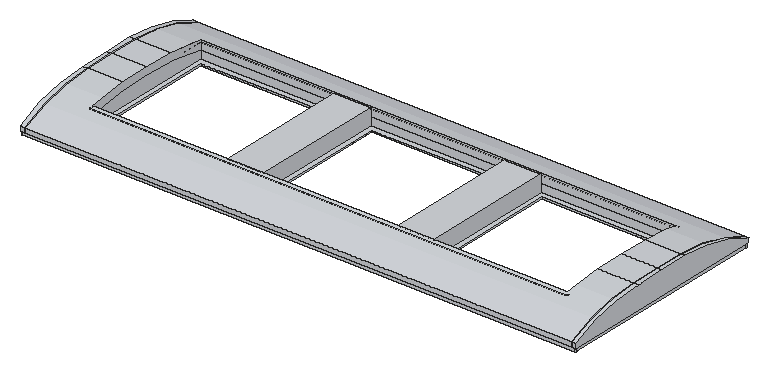
Revit family "Gira_0213728", category Electrical Fixtures, host Face, Revit 2017
Family settings
  Host = Face
  Maintain Annotation Orientation = No
  Round Connector Dimension = Use Diameter
  Part Type = Normal
  Cut with Voids When Loaded = No
  Shared = No
  Room Calculation Point = No
Parameters (values of type "Cov.fr. 3-g interm.fr. AN Gira Event Clear white")
  URL = "http://katalog.gira.de/en/datenblatt.html?artikelnr=0213728"
  Transparent = "No"
  Name = "Cov.fr. 3-g interm.fr. AN Gira Event Clear white"
  Manufacturer URL = "https://www.gira.de/"
  Manufacturer = "Gira"
  Label space/information surface = "No"
  Keynote = ""
  HeinzeBIM = "https://bimportal.heinze.de/bim/cov-fr-3-g-interm-fr-an-gira-event-clear-white/8ca804c31c415cc36ca7d59417e6a9684c2b8f1a"
  HAN = "0213728"
  GTIN = "4010337068778"
  Description = "Cov.fr.3g i.fr.AN EvCl WH,Gira Event Clear cover frame,white with anthracite intermediate frame,3-gang,Features:,- Shatter-proof."
  Default Elevation = 1219.2 mm
  Data sheet (1) = "https://katalog.gira.de/en/download.html?artikelnr=0213728"
  Category = "Cover frame for domestic switching devices"
  BIM (1) = "https://media.stage.bim.site/public/gira/36a6b08/Event_Rahmen_3fach.rfa"
  Available = "No"
Reference planes
  plane 1 "Center (Front/Back)": y = 0
  plane 2: z = 0
  plane 3 "Center (Left/Right)": x = 0
Forms (mm)
  Extrusion 1, solid, detail levels fine
    sketch origin (0, 0, 0.05) x (0, 1, 0) y (0, 0, 1)
      loop
        arc (12.445, 9.683) -> (6.223, 9.833) -> (0, 9.85) r 291.636
        arc (0, 9.85) -> (-6.223, 9.833) -> (-12.445, 9.683) r 291.636
        arc (-12.445, 9.683) -> (-29.14, 7.482) -> (-45, 1.823) r 79.728
        line (-45, 1.823) -> (-45, -0.05) -> (-42.086, -0.05)
        arc (-42.086, -0.05) -> (-21.385, 5.559) -> (0, 7.206) r 114.424
        arc (0, 7.206) -> (21.385, 5.559) -> (42.086, -0.05) r 114.424
        line (42.086, -0.05) -> (45, -0.05) -> (45, 1.823)
        arc (45, 1.823) -> (29.14, 7.482) -> (12.445, 9.683) r 79.728
    from -114.3 to 114.3
  Extrusion 2, void, detail levels fine
    sketch origin (0, 0, 0) x (1, 0, 0) y (0, 1, 0)
      loop
        line (-99.355, -28.053) -> (99.355, -28.053) -> (99.355, 28.053) -> (-99.355, 28.053) -> (-99.355, -28.053)
    from 0.724 to 11
  Extrusion 3, solid, detail levels coarse
    sketch origin (0, 0, 0) x (1, 0, 0) y (0, 1, 0)
      loop
        line (-116.3, 45) -> (-116.3, -45) -> (116.3, -45) -> (116.3, 45) -> (-116.3, 45)
    from -1.5 to 9.9
  Extrusion 4, solid, detail levels medium
    sketch origin (0, 0, 0.05) x (0, 1, 0) y (0, 0, 1)
      loop
        arc (12.445, 9.683) -> (6.223, 9.833) -> (0, 9.85) r 291.636
        arc (0, 9.85) -> (-6.223, 9.833) -> (-12.445, 9.683) r 291.636
        arc (-12.445, 9.683) -> (-29.14, 7.482) -> (-45, 1.823) r 79.728
        line (-45, 1.823) -> (-45, -0.05) -> (45, -0.05) -> (45, 1.823)
        arc (45, 1.823) -> (29.14, 7.482) -> (12.445, 9.683) r 79.728
    from -116.3 to 116.3
  Extrusion 5, solid, detail levels fine
    sketch origin (-71.3, 0, -1.5) x (0, 1, 0) y (0, 0, -1)
      loop
        line (45, -3.373) -> (45, -1.5) -> (-45, -1.5) -> (-45, -3.373)
        arc (-45, -3.373) -> (-29.14, -9.032) -> (-12.445, -11.233) r 79.728
        arc (-12.445, -11.233) -> (-6.223, -11.383) -> (0, -11.4) r 291.636
        arc (0, -11.4) -> (6.223, -11.383) -> (12.445, -11.233) r 291.636
        arc (12.445, -11.233) -> (29.14, -9.032) -> (45, -3.373) r 79.728
    from 43 to 45
  Extrusion 6, solid, detail levels fine
    sketch origin (0, 0, 0) x (1, 0, 0) y (0, 1, 0)
      loop
        line (-97.195, 25.7) -> (-97.195, -25.7) -> (-45.395, -25.7) -> (-45.395, 25.7) -> (-97.195, 25.7)
      loop
        line (25.9, -25.7) -> (25.9, 25.7) -> (-25.9, 25.7) -> (-25.9, -25.7) -> (25.9, -25.7)
      loop
        line (-100.19, 28.49) -> (-100.19, -28.495)
        spline (-100.19, -28.495) -> (-100.181, -28.625) -> (-100.156, -28.754) -> (-100.113, -28.878) -> (-100.056, -28.995) -> (-99.983, -29.104) -> (-99.897, -29.202) -> (-99.798, -29.288) -> (-99.69, -29.361) -> (-99.572, -29.419) -> (-99.448, -29.461) -> (-99.32, -29.486) -> (-99.19, -29.495)
        line (-99.19, -29.495) -> (99.195, -29.495)
        spline (99.195, -29.495) -> (99.325, -29.486) -> (99.454, -29.461) -> (99.578, -29.419) -> (99.695, -29.361) -> (99.804, -29.288) -> (99.902, -29.202) -> (99.988, -29.104) -> (100.061, -28.995) -> (100.119, -28.878) -> (100.161, -28.754) -> (100.186, -28.625) -> (100.195, -28.495)
        line (100.195, -28.495) -> (100.195, 28.49)
        spline (100.195, 28.49) -> (100.186, 28.62) -> (100.161, 28.748) -> (100.119, 28.872) -> (100.061, 28.99) -> (99.988, 29.098) -> (99.902, 29.197) -> (99.804, 29.283) -> (99.695, 29.356) -> (99.578, 29.413) -> (99.454, 29.456) -> (99.325, 29.481) -> (99.195, 29.49)
        line (99.195, 29.49) -> (-99.19, 29.49)
        spline (-99.19, 29.49) -> (-99.32, 29.481) -> (-99.448, 29.456) -> (-99.572, 29.413) -> (-99.69, 29.356) -> (-99.798, 29.283) -> (-99.897, 29.197) -> (-99.983, 29.098) -> (-100.056, 28.99) -> (-100.113, 28.872) -> (-100.156, 28.748) -> (-100.181, 28.62) -> (-100.19, 28.49)
      loop
        line (97.2, -25.7) -> (97.2, 25.7) -> (45.4, 25.7) -> (45.4, -25.7) -> (97.2, -25.7)
    from 0.1 to 7.3
  Extrusion 7, solid
    sketch origin (0, 0, 0) x (1, 0, 0) y (0, 1, 0)
      loop
        arc (-116, -44.2) -> (-115.854, -44.554) -> (-115.5, -44.7) r 0.5
        line (-115.5, -44.7) -> (115.5, -44.7)
        arc (115.5, -44.7) -> (115.854, -44.554) -> (116, -44.2) r 0.5
        line (116, -44.2) -> (116, 44.2)
        arc (116, 44.2) -> (115.854, 44.554) -> (115.5, 44.7) r 0.5
        line (115.5, 44.7) -> (-115.5, 44.7)
        arc (-115.5, 44.7) -> (-115.854, 44.554) -> (-116, 44.2) r 0.5
        line (-116, 44.2) -> (-116, -44.2)
      loop
        line (-114.3, 43) -> (-114.3, -43) -> (114.3, -43) -> (114.3, 43) -> (-114.3, 43)
    from -1.5 to 0.5
  Extrusion 8, solid, detail levels fine
    sketch origin (71.3, 0, -1.5) x (0, 1, 0) y (0, 0, 1)
      loop
        arc (45, 3.373) -> (29.14, 9.032) -> (12.445, 11.233) r 79.728
        arc (12.445, 11.233) -> (6.223, 11.383) -> (0, 11.4) r 291.636
        arc (0, 11.4) -> (-6.223, 11.383) -> (-12.445, 11.233) r 291.636
        arc (-12.445, 11.233) -> (-29.14, 9.032) -> (-45, 3.373) r 79.728
        line (-45, 3.373) -> (-45, 1.5) -> (45, 1.5) -> (45, 3.373)
    from 43 to 45
  Extrusion 9, solid, detail levels medium
    sketch origin (0, 0, 0) x (1, 0, 0) y (0, 1, 0)
      loop
        line (-116, -44.7) -> (116, -44.7) -> (116, 44.7) -> (-116, 44.7) -> (-116, -44.7)
    from -1.5 to 0.5
  Extrusion 10, solid, detail levels fine
    sketch origin (-34.207, 0, 0) x (1, 0, 0) y (0, 1, 0)
      loop
        line (-8.943, 28.063) -> (-8.943, -27.937) -> (6.057, -27.937) -> (6.057, 28.063) -> (-8.943, 28.063)
    from 0.724 to 7.566
  Extrusion 11, solid, detail levels fine
    sketch origin (34.207, 0, 0) x (-1, 0, 0) y (0, -1, 0)
      loop
        line (-8.943, -28.063) -> (6.057, -28.063) -> (6.057, 27.937) -> (-8.943, 27.937) -> (-8.943, -28.063)
    from 0.724 to 7.566
Cuts and joins
  Extrusion 2 cuts Extrusion 1
  Extrusion 2 cuts Extrusion 6
Dimensions and locks
  aligned and locked: plane 2 to host face
  aligned and locked: level to host face
